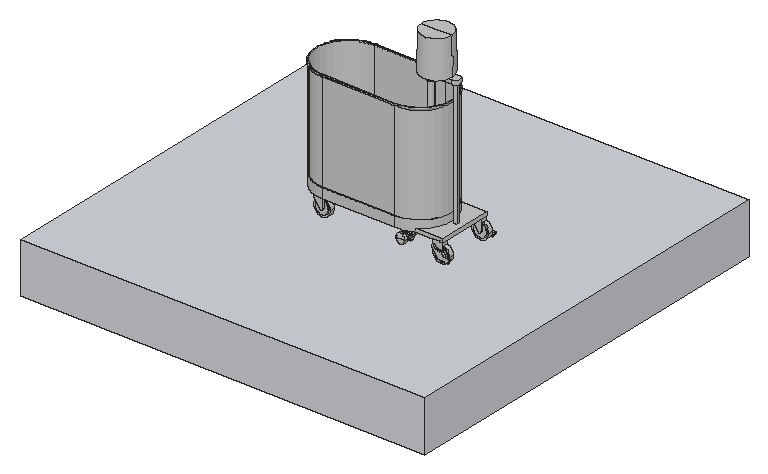
Revit family
Parameters (values of type "E-45-M")
  Waste Connection = yes
  WFU = 0
  Voltage = 115
  Vent Connection = no
  URL = "http://www.whitehallmfg.com/"
  Type Comments = ""
  Tempered Water Connection = yes
  Revised Date = "22/10/2013"
  Phone# = "626-336-4561"
  Model = "E-45-M"
  Material = 304 Stainless Steel
  Manufacturer = "Whitehall Manufacturing"
  Hertz = 60
  HWFU = 0
  HW Connection = yes
  Designed By = "Allied Technical Services"  # constant formula
  Description = "E Series 45 Gallon Mobile Whirlpool E-45-M"
  Default Elevation = 0"
  CWFU = 0
  CW Connection = yes
  Assembly Code = "D2010510"
  Amperage = 8
  -RHG Rubber Hand Grips = no
  -PCS Pump Cover Strainer = no
  -M-SDP Mobile Whirlpool with Separate Drain Pump = no
  -M-DS Mobile Whirlpool with Sump = no
  -M Standard Mobile Whirlpool = yes
  -GFI Ground Fault Interrupter = no
  -EG Enviro Glaze Color Powder Coating (Specify Color) = no
  -E Extremity Series = yes
  -ARS Arm Rest Support = no
  -AHC2 Adjustable High Chair with Rubber Tips = no
  -AHC1 Adjustable High Chair with Casters = no
  -ADH Auxiliary Drain Hose Assembly = no
  -60 Hz Turbine Assembly = no
  -50 Hz Turbine Assembly = no
  -45 Gallons (170 Liter) Capacity = yes
Reference planes (in)
  plane 1 "Center (Front/Back)": y = 0
  plane 2: z = 0
  plane 3 "Center (Left/Right)": x = 0
  plane 4: x = -16
  plane 5: x = 16
  plane 6: y = 7.5
  plane 7: y = -7.5
  plane 8: z = 31
  plane 9: z = 6
  plane 10: x = 10.75
Forms (in)
  Extrusion 1, solid
    sketch origin (0, 0, 0) x (1, 0, 0) y (0, 1, 0)
      loop
        line (-48, 48) -> (-48, -48) -> (48, -48) -> (48, 48) -> (-48, 48)
    from 0 to -12
  Sweep 2, solid, material "304 Stainless Steel" <- "Material"
    path origin (0, 0, 0) x (1, 0, 0) y (0, 1, 0)
      loop
        arc (-8.5, 7.5) -> (-16, 0) -> (-8.5, -7.5) r 7.5
        line (-8.5, -7.5) -> (8.5, -7.5)
        arc (8.5, -7.5) -> (16, 0) -> (8.5, 7.5) r 7.5
        line (8.5, 7.5) -> (-8.5, 7.5)
    profile origin (-16, 0, 0) x (1, 0, 0) y (0, 0, 1)
      loop
        line (0.1, 4.75) -> (0.1, 31) -> (-0.125, 31)
        arc (-0.125, 31) -> (-0.25, 30.875) -> (-0.125, 30.75) r 0.125
        line (-0.125, 30.75) -> (0, 30.75) -> (0, 7.25) -> (-0.125, 7.25) -> (-0.125, 4.75) -> (0.1, 4.75)
  Extrusion 3, solid, material "304 Stainless Steel" <- "Material"
    sketch origin (0, 0, 0) x (1, 0, 0) y (0, 1, 0)
      loop
        arc (-8.5, 7.4) -> (-15.9, 0) -> (-8.5, -7.4) r 7.4
        line (-8.5, -7.4) -> (8.5, -7.4)
        arc (8.5, -7.4) -> (15.9, 0) -> (8.5, 7.4) r 7.4
        line (8.5, 7.4) -> (-8.5, 7.4)
    from 4.75 to 6
  Revolve 4, solid, material "304 Stainless Steel" <- "Material"
    sketch origin (-19.76635, 0, 5) x (-1, 0, 0) y (0, 0, 1)
      loop
        line (-30.95365, 8.97119) -> (-30.95365, 31.10937) -> (-31.82865, 31.10937) -> (-31.82865, 28.97119) -> (-31.64115, 28.97119) -> (-31.64115, 8.97119) -> (-30.95365, 8.97119)
      axis (-30.95365, 8.97119) -> (-30.95365, 31.10937)
    angle from 0 to 360
  Revolve 5, solid, material "304 Stainless Steel" <- "Material"
    sketch origin (-18.51635, 0, 5) x (-1, 0, 0) y (0, 0, 1)
      loop
        line (-30.95365, 31.10937) -> (-27.20365, 31.10938) -> (-27.38065, 39.85938) -> (-30.95365, 39.85937) -> (-30.95365, 31.10937)
      axis (-30.95365, 31.10937) -> (-30.95365, 39.85938)
    angle from 0 to 360
  Blend 6, solid, material "304 Stainless Steel" <- "Material"
    base sketch origin (-19.76635, 0, 5) x (-1, 0, 0) y (0, -1, 0)
      loop
        circle (-30.95365, 0) r 0.875
    top sketch origin (-19.76635, 0, 5) x (-1, 0, 0) y (0, -1, 0)
      loop
        circle (-32.20365, 0) r 3.573
    from 29.81381 to 31.10937
  Extrusion 7, solid, material "304 Stainless Steel" <- "Material"
    sketch origin (-19.76635, 0, 5) x (-1, 0, 0) y (0, -1, 0)
      loop
        line (-36.65003, -1.11632) -> (-33.22803, -1.11632)
        arc (-33.22803, -1.11632) -> (-32.11171, 0) -> (-33.22803, 1.11632) r 1.11632
        line (-33.22803, 1.11632) -> (-36.65003, 1.11632)
        arc (-36.65003, 1.11632) -> (-37.76635, 0) -> (-36.65003, -1.11632) r 1.11632
    from 31.10937 to 30.28223
  Extrusion 8, solid, material "304 Stainless Steel" <- "Material"
    sketch origin (0, 0, 0) x (1, 0, 0) y (0, 1, 0)
      loop
        circle (17.04145, 0) r 0.5
    from 5.5 to 35.28223
  Extrusion 9, solid, material "304 Stainless Steel" <- "Material"
    sketch origin (0, 0, 0) x (1, 0, 0) y (0, 1, 0)
      loop
        line (12.21335, -6.5) -> (19.12554, -6.5) -> (19.12554, 6.5) -> (12.21335, 6.5) -> (12.21335, -6.5)
    from 4.75 to 5.5
  Revolve 10, void
    sketch origin (0, 0, 0) x (1, 0, 0) y (0, 0, 1)
      loop
        line (10.75, 2.64384) -> (11.65625, 2.64384) -> (11.65625, 5.62511) -> (12.68625, 6) -> (10.75, 6) -> (10.75, 2.64384)
      axis (10.75, 6) -> (10.75, 2.64384)
    angle from 0 to 360
  Extrusion 11, solid, material "304 Stainless Steel" <- "Material"
    sketch origin (-50.41994, -37.26141, 12.99609) x (1, 0, 0) y (0, 0, 1)
      loop
        circle (40.70318, -10.99609) r 2
    from -31.98681 to -30.98681
  Extrusion 12, solid, material "304 Stainless Steel" <- "Material"
    sketch origin (-50.41972, -37.75953, 12.99609) x (1, 0, 0) y (0, 0, 1)
      loop
        circle (40.70318, -10.99609) r 1.5
    from -32.5446 to -31.43093
  Extrusion 13, solid, material "304 Stainless Steel" <- "Material"
    sketch origin (-50.41994, 37.26141, 12.99609) x (1, 0, 0) y (0, 0, -1)
      loop
        circle (40.70318, 10.99609) r 2
    from -31.98681 to -30.98681
  Extrusion 14, solid, material "304 Stainless Steel" <- "Material"
    sketch origin (-50.41972, 37.75953, 12.99609) x (1, 0, 0) y (0, 0, -1)
      loop
        circle (40.70318, 10.99609) r 1.5
    from -32.5446 to -31.43093
  Extrusion 15, solid, material "304 Stainless Steel" <- "Material"
    sketch origin (59.29472, -5.54931, 12.99609) x (-1, 0, 0) y (0, 0, -1)
      loop
        line (40.3031, 8.24609) -> (42.48526, 8.24609) -> (42.48526, 9.14532) -> (41.00748, 11.25582)
        arc (41.00748, 11.25582) -> (40.56476, 11.37145) -> (40.3031, 10.99609) r 0.40007
        line (40.3031, 10.99609) -> (40.3031, 8.24609)
    from -0.5001 to 0.95069
  Extrusion 16, solid, material "304 Stainless Steel" <- "Material"
    sketch origin (59.29494, -37.26141, 12.99609) x (-1, 0, 0) y (0, 0, -1)
      loop
        circle (40.70318, 10.99609) r 2
    from -31.98681 to -30.98681
  Extrusion 17, solid, material "304 Stainless Steel" <- "Material"
    sketch origin (59.29472, -37.75953, 12.99609) x (-1, 0, 0) y (0, 0, -1)
      loop
        circle (40.70318, 10.99609) r 1.5
    from -32.5446 to -31.43093
  Extrusion 18, solid, material "304 Stainless Steel" <- "Material"
    sketch origin (59.29472, 5.54931, 12.99609) x (-1, 0, 0) y (0, 0, 1)
      loop
        line (40.3031, -8.24609) -> (40.3031, -10.99609)
        arc (40.3031, -10.99609) -> (40.56476, -11.37145) -> (41.00748, -11.25582) r 0.40007
        line (41.00748, -11.25582) -> (42.48526, -9.14532) -> (42.48526, -8.24609) -> (40.3031, -8.24609)
    from -0.5001 to 0.95069
  Extrusion 19, solid, material "304 Stainless Steel" <- "Material"
    sketch origin (59.29494, 37.26141, 12.99609) x (-1, 0, 0) y (0, 0, 1)
      loop
        circle (40.70318, -10.99609) r 2
    from -31.98681 to -30.98681
  Extrusion 20, solid, material "304 Stainless Steel" <- "Material"
    sketch origin (59.29472, 37.75953, 12.99609) x (-1, 0, 0) y (0, 0, 1)
      loop
        circle (40.70318, -10.99609) r 1.5
    from -32.5446 to -31.43093
  Extrusion 21, solid, material "304 Stainless Steel" <- "Material"
    sketch origin (30.98663, -5.54931, 12.99609) x (-1, 0, 0) y (0, 0, -1)
      loop
        line (40.3031, 8.24609) -> (42.48526, 8.24609) -> (42.48526, 9.14532) -> (41.00748, 11.25582)
        arc (41.00748, 11.25582) -> (40.56476, 11.37145) -> (40.3031, 10.99609) r 0.40007
        line (40.3031, 10.99609) -> (40.3031, 8.24609)
    from -0.5001 to 0.95069
  Extrusion 22, solid, material "304 Stainless Steel" <- "Material"
    sketch origin (30.98663, 5.54931, 12.99609) x (-1, 0, 0) y (0, 0, 1)
      loop
        line (40.3031, -8.24609) -> (40.3031, -10.99609)
        arc (40.3031, -10.99609) -> (40.56476, -11.37145) -> (41.00748, -11.25582) r 0.40007
        line (41.00748, -11.25582) -> (42.48526, -9.14532) -> (42.48526, -8.24609) -> (40.3031, -8.24609)
    from -0.5001 to 0.95069
  Extrusion 23, solid, material "304 Stainless Steel" <- "Material"
    sketch origin (0.05902, 0, -0.64243) x (1, 0, 0) y (0, 0, 1)
      loop
        arc (17.80746, 2.14021) -> (18.12326, 1.86111) -> (18.53252, 1.76042) r 0.88201
        line (18.53252, 1.76042) -> (19.7458, 1.76042) -> (19.7458, 1.41877) -> (20.46955, 1.41877) -> (20.46955, 1.78844)
        arc (20.46955, 1.78844) -> (20.76582, 1.91419) -> (20.92185, 2.19569) r 0.49429
        line (20.92185, 2.19569) -> (20.94885, 2.3488) -> (19.87647, 2.53789)
        arc (19.87647, 2.53789) -> (19.57732, 2.66796) -> (19.36983, 2.91967) r 0.69867
        arc (19.36983, 2.91967) -> (18.97093, 3.40776) -> (18.34811, 3.50495) r 0.88201
        arc (18.34811, 3.50495) -> (17.92554, 3.56058) -> (17.56607, 3.78959) r 0.98461
        line (17.56607, 3.78959) -> (16.88288, 4.47278) -> (16.73772, 4.32763)
        arc (16.73772, 4.32763) -> (16.60895, 4.05239) -> (16.68648, 3.75857) r 0.44579
        line (16.68648, 3.75857) -> (17.80746, 2.14021)
    from 6.5 to 6.875
  Extrusion 24, solid, material "304 Stainless Steel" <- "Material"
    sketch origin (0.05902, 0, -0.64243) x (1, 0, 0) y (0, 0, -1)
      loop
        line (17.80746, -2.14021) -> (16.68648, -3.75857)
        arc (16.68648, -3.75857) -> (16.60895, -4.05239) -> (16.73772, -4.32763) r 0.44579
        line (16.73772, -4.32763) -> (16.88288, -4.47278) -> (17.56607, -3.78959)
        arc (17.56607, -3.78959) -> (17.92554, -3.56058) -> (18.34811, -3.50495) r 0.98461
        arc (18.34811, -3.50495) -> (18.97093, -3.40776) -> (19.36983, -2.91967) r 0.88201
        arc (19.36983, -2.91967) -> (19.57732, -2.66796) -> (19.87647, -2.53789) r 0.69867
        line (19.87647, -2.53789) -> (20.94885, -2.3488) -> (20.92185, -2.19569)
        arc (20.92185, -2.19569) -> (20.76582, -1.91419) -> (20.46955, -1.78844) r 0.49429
        line (20.46955, -1.78844) -> (20.46955, -1.41877) -> (19.7458, -1.41877) -> (19.7458, -1.76042) -> (18.53252, -1.76042)
        arc (18.53252, -1.76042) -> (18.12326, -1.86111) -> (17.80746, -2.14021) r 0.88201
    from 6.5 to 6.875
  Extrusion 25, solid, material "304 Stainless Steel" <- "Material"
    sketch origin (-60.09553, 0, 4.21455) x (1, 0, 0) y (0, 1, 0)
      loop
        circle (70.84553, 0) r 1.25
    from 0.53545 to 1.52047
  Revolve 26, solid, material "304 Stainless Steel" <- "Material"
    sketch origin (-60.09553, 0, 3.58955) x (1, 0, 0) y (0, 1, 0)
      loop
        line (70.87228, -8.85989) -> (70.87228, -1.38093) -> (70.04088, -1.38093) -> (70.04088, -1.73952) -> (70.29088, -1.73952) -> (70.29088, -4.71139) -> (70.04088, -4.71139) -> (70.04088, -5.10366) -> (70.22465, -5.10366)
        arc (70.22465, -5.10366) -> (70.02339, -5.66282) -> (70.22465, -6.22197) r 0.87739
        line (70.22465, -6.22197) -> (70.04088, -6.22197) -> (70.04088, -6.62429) -> (70.22465, -6.62429) -> (70.22465, -6.96539) -> (70.47465, -6.96539) -> (70.47465, -7.21539) -> (70.29088, -7.21539) -> (70.29088, -7.64671) -> (70.62319, -7.64671) -> (70.62319, -8.72377)
        arc (70.62319, -8.72377) -> (70.25716, -8.66638) -> (69.90194, -8.56109) r 2.79558
        line (69.90194, -8.56109) -> (69.90194, -8.14671) -> (69.77694, -8.14671) -> (69.77694, -8.64671)
        arc (69.77694, -8.64671) -> (70.31434, -8.8061) -> (70.87228, -8.85989) r 2.92058
      axis (70.87228, -1.38093) -> (70.87228, -8.85989)
    angle from 0 to 360
  Extrusion 27, solid, material "304 Stainless Steel" <- "Material"
    sketch origin (-60.09553, 0, 3.58955) x (1, 0, 0) y (0, 0, 1)
      loop
        line (72.94997, 1.16045) -> (71.6284, 1.16045) -> (71.38545, -0.09899)
        arc (71.38545, -0.09899) -> (70.87228, -0.52263) -> (70.35911, -0.09899) r 0.52263
        line (70.35911, -0.09899) -> (70.11616, 1.16045) -> (68.79459, 1.16045) -> (68.79459, 0.91045) -> (70.03708, 0.91045) -> (70.23637, -0.12267)
        arc (70.23637, -0.12267) -> (70.87228, -0.64763) -> (71.50819, -0.12267) r 0.64763
        line (71.50819, -0.12267) -> (71.70748, 0.91045) -> (72.94997, 0.91045) -> (72.94997, 1.16045)
    from 2.57551 to 3.57551
  Revolve 28, solid, material "304 Stainless Steel" <- "Material"
    sketch origin (10.77675, 0, 3.58955) x (0, 1, 0) y (0, 0, 1)
      loop
        line (-6.03782, 0) -> (-6.16282, 0) -> (-6.16282, -1.1875) -> (-6.08469, -1.1875) -> (-6.08469, -1.4375) -> (-6.03782, -1.4375) -> (-6.03782, 0)
      axis (-5.66282, 0) -> (-5.66282, -1.4375)
    angle from 0 to 360
  Sweep 29, solid, material "304 Stainless Steel" <- "Material"
    path origin (-60.09553, 0, 3.58955) x (0, 1, 0) y (0, 0, 1)
      loop
        arc (0, 1.16045) -> (-0.33989, 0.33989) -> (-1.16045, 0) r 1.16045
        line (-1.16045, 0) -> (-1.38093, 0)
    profile origin (-60.09553, -1.16045, 3.58955) x (0, 0, -1) y (1, 0, 0)
      loop
        circle (0, 70.87228) r 0.83203
  Extrusion 30, void
    sketch origin (0, 0, 0) x (1, 0, 0) y (0, 1, 0)
      loop
        circle (10.75, 0) r 0.10544
      loop
        circle (10.625, 0.21651) r 0.10544
      loop
        circle (10.875, 0.21651) r 0.10544
      loop
        circle (10.875, -0.21651) r 0.10544
      loop
        circle (11, 0) r 0.10544
      loop
        circle (10.625, -0.21651) r 0.10544
      loop
        circle (10.5, 0) r 0.10544
      loop
        circle (10.75, 0.46093) r 0.10544
      loop
        circle (11, 0.43301) r 0.10544
      loop
        circle (11.125, 0.21651) r 0.10544
      loop
        circle (10.5, 0.43301) r 0.10544
      loop
        circle (10.375, 0.21651) r 0.10544
      loop
        circle (10.75, -0.46093) r 0.10544
      loop
        circle (11, -0.43301) r 0.10544
      loop
        circle (11.125, -0.21651) r 0.10544
      loop
        circle (10.5, -0.43301) r 0.10544
      loop
        circle (10.375, -0.21651) r 0.10544
      loop
        circle (10.25, 0) r 0.10544
      loop
        circle (11.25, 0) r 0.10544
    from 5.62511 to 7.02927
Cuts and joins
  Revolve 10, Extrusion 30 cuts Sweep 2
  Revolve 10, Extrusion 30 cuts Extrusion 3
  Revolve 10, Extrusion 30 cuts Extrusion 9
  joined: Sweep 2, Extrusion 3, Extrusion 9
  joined: Extrusion 11, Extrusion 12, Extrusion 13, Extrusion 14, Extrusion 21, Extrusion 22
  Extrusion 30 cuts Extrusion 25
  Extrusion 30 cuts Sweep 29
  joined: Extrusion 25, Sweep 29
  joined: Revolve 26, Extrusion 27, Revolve 28
Dimensions and locks (in)
  plane 6 to plane 7 = 15"
  plane 4 to plane 5 = 32"
  plane 8 to Extrusion 1 = 31"
  plane 8 to plane 9 = 25"
  aligned and locked: plane 2 to Extrusion 1
  aligned and locked: level to Extrusion 1
Connectors (in)
  electrical at (12.43729, 0, 36.10937)
    settings: on Revolve 5, index 1
  piping at (10.77675, -5.66282, 2.15205)
    settings: on cut or joined group of Revolve 26, Extrusion 27, Revolve 28, index 3
